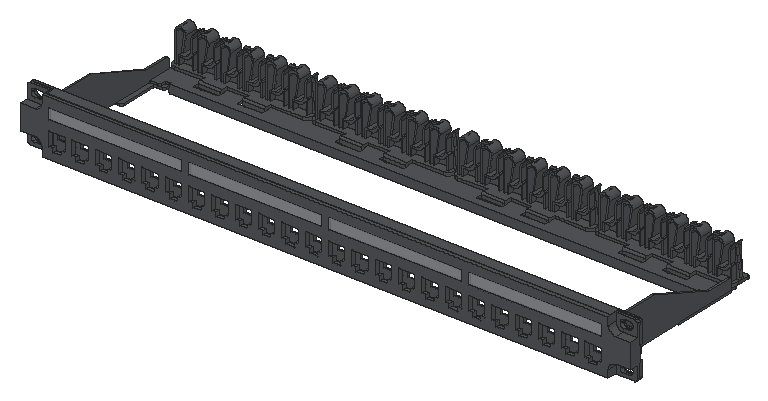
Revit family "Panel de interconexión", category Equipement spécialisé, Revit 2020 (continued)
Dimensions and locks
  locked: plane 76 to plane 71 at 3.1
  locked: plane 72 to plane 74 at 3.1
  locked: plane 78 to plane 77 at 13
  locked: plane 82 to plane 77 at 3.1
  locked: plane 78 to plane 80 at 3.1
  locked: plane 84 to plane 83 at 13
  locked: plane 88 to plane 83 at 3.1
  locked: plane 84 to plane 86 at 3.1
  locked: plane 90 to plane 89 at 13
  locked: plane 94 to plane 89 at 3.1
  locked: plane 90 to plane 92 at 3.1
  locked: plane 96 to plane 95 at 13
  locked: plane 100 to plane 95 at 3.1
  locked: plane 96 to plane 98 at 3.1
  locked: plane 102 to plane 101 at 13
  locked: plane 106 to plane 101 at 3.1
  locked: plane 102 to plane 104 at 3.1
  locked: plane 108 to plane 107 at 13
  locked: plane 112 to plane 107 at 3.1
  locked: plane 108 to plane 110 at 3.1
  locked: plane 114 to plane 113 at 13
  locked: plane 118 to plane 113 at 3.1
  locked: plane 114 to plane 116 at 3.1
  locked: plane 119 to plane 120 at 13
  locked: plane 119 to plane 124 at 3.1
  locked: plane 122 to plane 120 at 3.1
  locked: plane 125 to plane 126 at 13
  locked: plane 125 to plane 130 at 3.1
  locked: plane 128 to plane 126 at 3.1
  locked: plane 131 to plane 132 at 13
  locked: plane 131 to plane 136 at 3.1
  locked: plane 134 to plane 132 at 3.1
  locked: plane 137 to plane 138 at 13
  locked: plane 137 to plane 142 at 3.1
  locked: plane 140 to plane 138 at 3.1
  locked: plane 143 to plane 144 at 13
  locked: plane 143 to plane 148 at 3.1
  locked: plane 146 to plane 144 at 3.1
  locked: plane 149 to plane 150 at 13
  locked: plane 149 to plane 154 at 3.1
  locked: plane 152 to plane 150 at 3.1
  locked: plane 155 to plane 156 at 13
  locked: plane 155 to plane 160 at 3.1
  locked: plane 158 to plane 156 at 3.1
  locked: plane 161 to plane 162 at 13
  locked: plane 161 to plane 166 at 3.1
  locked: plane 164 to plane 162 at 3.1
  locked: plane 167 to plane 168 at 13
  locked: plane 167 to plane 172 at 3.1
  locked: plane 170 to plane 168 at 3.1
  locked: plane 173 to plane 174 at 13
  locked: plane 173 to plane 178 at 3.1
  locked: plane 176 to plane 174 at 3.1
  locked: plane 179 to plane 180 at 13
  locked: plane 179 to plane 184 at 3.1
  locked: plane 182 to plane 180 at 3.1
  locked: plane 185 to plane 186 at 13
  locked: plane 185 to plane 190 at 3.1
  locked: plane 188 to plane 186 at 3.1
  plane 193 to cut or joined group 1 (Extrusion 31, Extrusion 32, Extrusion 33, Extrusion 34, Extrusion 35, Extrusion 36, Extrusion 37, Extrusion 38, Extrusion 39, Extrusion 40, Extrusion 41, Extrusion 42, Extrusion 43, Extrusion 44, Extrusion 45, Extrusion 46, Extrusion 47, Extrusion 48, Extrusion 49, Extrusion 50, Extrusion 51, Extrusion 52, Extrusion 53, Extrusion 54, Extrusion 55, Extrusion 56, Extrusion 57, Extrusion 58, Extrusion 59, Extrusion 60, Extrusion 61, Extrusion 62) = 27.7 mm
  plane 194 to plane 193 = 8.85 mm
  plane 198 to plane 197 = 8.85 mm
  plane 201 to plane 202 = 8.85 mm
  plane 205 to plane 206 = 8.85 mm
  locked: plane 208 to plane 1 "Centre (avant/arrière)" at 21.2
  plane 210 to plane 1 "Centre (avant/arrière)" = 110.8 mm
  plane 209 to level = 8.1 mm
  plane 211 to level = 1.7 mm
  level to plane 207 = 38.7 mm
  plane 212 to level = 17.7 mm
  plane 214 to plane 1 "Centre (avant/arrière)" = 35.2 mm
  plane 210 to plane 213 = 21 mm
  locked: plane 1 "Centre (avant/arrière)" to plane 215 at 59.26
  plane 216 to plane 215 = 32.5 mm
  plane 217 to plane 216 = 26.54 mm
  plane 3 to plane 218 = 6 mm
  plane 218 to plane 219 = 7.925 mm
  plane 223 to plane 226 = 21 mm
  plane 229 to plane 228 = 32.5 mm
  plane 230 to plane 229 = 26.54 mm
  plane 232 to plane 231 = 7.925 mm
  plane 1 "Centre (avant/arrière)" to plane 233 = 91.8 mm
  plane 233 to plane 234 = 26.5 mm
  locked: plane 3 to plane 235 at 1.75
  locked: plane 8 to plane 236 at 1.75
  plane 233 to plane 237 = 5.5 mm
  plane 235 to plane 238 = 8.475 mm
  plane 236 to plane 239 = 8.475 mm
  plane 3 to plane 240 = 14.225 mm
  plane 241 to plane 8 = 14.225 mm
  level to plane 242 = 3.2 mm
  locked: plane 243 to plane 14 at 28.868
  cut or joined group 2 (Extrusion 67, Extrusion 68, Extrusion 69, Extrusion 70, Extrusion 71, Extrusion 72, Extrusion 73, Extrusion 74, Extrusion 75, Extrusion 76, Extrusion 77, Extrusion 78, Extrusion 79, Extrusion 80, Extrusion 81, Extrusion 82, Extrusion 83, Extrusion 84, Extrusion 85, Extrusion 86, Extrusion 87, Extrusion 88, Extrusion 89, Extrusion 90, Extrusion 91, Extrusion 92, Extrusion 93, Extrusion 94, Extrusion 95, Extrusion 96) to plane 245 = 10 mm
  plane 245 to plane 244 = 6 mm
  Extrusion 69 sketch curve to plane 246 = 34.63 mm
  plane 248 to plane 247 = 6 mm
  Extrusion 70 sketch curve to plane 249 = 34.63 mm
  plane 250 to plane 251 = 6 mm
  Extrusion 71 sketch curve to plane 252 = 34.63 mm
  plane 253 to plane 254 = 6 mm
  Extrusion 72 sketch curve to plane 255 = 34.63 mm
  plane 259 to plane 256 = 2 mm
  plane 258 to plane 257 = 3 mm
  plane 257 to cut or joined group 2 = 6 mm
  plane 264 to plane 261 = 2 mm
  plane 263 to plane 262 = 3 mm
  plane 269 to plane 266 = 2 mm
  plane 268 to plane 267 = 3 mm
  plane 274 to plane 271 = 2 mm
  plane 273 to plane 272 = 3 mm
  plane 279 to plane 276 = 2 mm
  plane 278 to plane 277 = 3 mm
  plane 284 to plane 281 = 2 mm
  plane 283 to plane 282 = 3 mm
  plane 289 to plane 286 = 2 mm
  plane 288 to plane 287 = 3 mm
  plane 294 to plane 291 = 2 mm
  plane 293 to plane 292 = 3 mm
  plane 299 to plane 296 = 2 mm
  plane 298 to plane 297 = 3 mm
  plane 304 to plane 301 = 2 mm
  plane 303 to plane 302 = 3 mm
  plane 309 to plane 306 = 2 mm
  plane 308 to plane 307 = 3 mm
  plane 314 to plane 311 = 2 mm
  plane 313 to plane 312 = 3 mm
  plane 319 to plane 316 = 2 mm
  plane 317 to plane 318 = 3 mm
  plane 324 to plane 321 = 2 mm
  plane 322 to plane 323 = 3 mm
  plane 329 to plane 326 = 2 mm
  plane 327 to plane 328 = 3 mm
  plane 334 to plane 331 = 2 mm
  plane 332 to plane 333 = 3 mm
  plane 339 to plane 336 = 2 mm
  plane 337 to plane 338 = 3 mm
  plane 344 to plane 341 = 2 mm
  plane 342 to plane 343 = 3 mm
  plane 349 to plane 346 = 2 mm
  plane 347 to plane 348 = 3 mm
  plane 354 to plane 351 = 2 mm
  plane 352 to plane 353 = 3 mm
  plane 359 to plane 356 = 2 mm
  plane 357 to plane 358 = 3 mm
  plane 364 to plane 361 = 2 mm
  plane 362 to plane 363 = 3 mm
  plane 369 to plane 366 = 2 mm
  plane 367 to plane 368 = 3 mm
  plane 374 to plane 371 = 2 mm
  plane 372 to plane 373 = 3 mm
  locked: plane 3 to plane 378 at 0.4
  plane 378 to plane 379 = 111 mm
  locked: plane 376 to plane 1 "Centre (avant/arrière)" at 112.3
  locked: plane 377 to plane 376 at 16.5
  locked: Extrusion 97 to plane 380 at 28.5
  cut or joined group 2 to Extrusion 98 sketch curve = 2 mm
  Extrusion 98 sketch curve to Extrusion 98 sketch curve = 4 mm
  equal spacing: cut or joined group 2, plane 381, cut or joined group 2
  Extrusion 99 sketch curve to Extrusion 99 sketch curve = 4 mm
  locked: Extrusion 97 to plane 382 at 5
  Extrusion 97 to plane 383 = 5.5 mm
  plane 385 to plane 384 = 1.25 mm
  cut or joined group 3 (Extrusion 97, Extrusion 98, Extrusion 99, Extrusion 100, Extrusion 101, Extrusion 102, Extrusion 103, Extrusion 104, Extrusion 105, Extrusion 106, Extrusion 107, Extrusion 108, Extrusion 109, Extrusion 110, Extrusion 111, Extrusion 117, Extrusion 119, Extrusion 120, Extrusion 121, Extrusion 122, Extrusion 128, Extrusion 131) to plane 389 = 0.5 mm
  plane 390 to cut or joined group 3 = 2.5 mm
  equal spacing: cut or joined group 2, plane 391, cut or joined group 2
  plane 394 to plane 393 = 1.25 mm
  locked: plane 399 to plane 1 "Centre (avant/arrière)" at 125.765
  plane 400 to Extrusion 106 sketch curve = 2.34 mm
  cut or joined group 3 to plane 401 = 23 mm
  plane 402 to plane 400 = 17.5 mm
  cut or joined group 3 to plane 403 = 25 mm
  plane 402 to plane 404 = 1.2 mm
  plane 405 to plane 400 = 5.3 mm
  cut or joined group 3 to plane 406 = 7 mm
  plane 408 to cut or joined group 1 = 3 mm
  plane 409 to plane 405 = 1.2 mm
  plane 402 to plane 411 = 1.2 mm
  plane 413 to Extrusion 107 sketch curve = 2.34 mm
  plane 415 to plane 413 = 17.5 mm
  plane 415 to plane 417 = 1.2 mm
  plane 418 to plane 413 = 5.3 mm
  plane 422 to plane 418 = 1.2 mm
  plane 415 to plane 424 = 1.2 mm
  plane 426 to Extrusion 108 sketch curve = 2.34 mm
  plane 428 to plane 426 = 17.5 mm
  plane 428 to plane 430 = 1.2 mm
  plane 431 to plane 426 = 5.3 mm
  plane 435 to plane 431 = 1.2 mm
  plane 428 to plane 437 = 1.2 mm
  plane 439 to Extrusion 109 sketch curve = 2.34 mm
  plane 441 to plane 439 = 17.5 mm
  plane 441 to plane 443 = 1.2 mm
  plane 444 to plane 439 = 5.3 mm
  plane 448 to plane 444 = 1.2 mm
  plane 441 to plane 450 = 1.2 mm
  plane 452 to Extrusion 110 sketch curve = 2.34 mm
  plane 454 to plane 452 = 17.5 mm
  plane 454 to plane 456 = 1.2 mm
  plane 457 to plane 452 = 5.3 mm
  plane 461 to plane 457 = 1.2 mm
  plane 454 to plane 463 = 1.2 mm
  plane 465 to Extrusion 111 sketch curve = 2.34 mm
  plane 467 to plane 465 = 17.5 mm
  plane 467 to plane 469 = 1.2 mm
  plane 470 to plane 465 = 5.3 mm
  plane 474 to plane 470 = 1.2 mm
  plane 467 to plane 476 = 1.2 mm
  equal spacing: Extrusion 106, plane 478, plane 399
  plane 487 to plane 488 = 111 mm
  locked: plane 486 to plane 485 at 16.5
  Extrusion 124 sketch curve to Extrusion 124 sketch curve = 4 mm
  Extrusion 125 sketch curve to Extrusion 125 sketch curve = 4 mm
  Extrusion 123 to plane 489 = 5.5 mm
  plane 491 to plane 490 = 1.25 mm
  plane 499 to plane 498 = 1.25 mm
  plane 504 to Extrusion 132 sketch curve = 2.34 mm
  plane 506 to plane 504 = 17.5 mm
  plane 506 to plane 508 = 1.2 mm
  plane 509 to plane 504 = 5.3 mm
  plane 513 to plane 509 = 1.2 mm
  plane 506 to plane 515 = 1.2 mm
  plane 517 to Extrusion 133 sketch curve = 2.34 mm
  plane 519 to plane 517 = 17.5 mm
  plane 519 to plane 521 = 1.2 mm
  plane 522 to plane 517 = 5.3 mm
  plane 526 to plane 522 = 1.2 mm
  plane 519 to plane 528 = 1.2 mm
  plane 530 to Extrusion 134 sketch curve = 2.34 mm
  plane 532 to plane 530 = 17.5 mm
  plane 532 to plane 534 = 1.2 mm
  plane 535 to plane 530 = 5.3 mm
  plane 539 to plane 535 = 1.2 mm
  plane 532 to plane 541 = 1.2 mm
  plane 543 to Extrusion 135 sketch curve = 2.34 mm
  plane 545 to plane 543 = 17.5 mm
  plane 545 to plane 547 = 1.2 mm
  plane 548 to plane 543 = 5.3 mm
  plane 552 to plane 548 = 1.2 mm
  plane 545 to plane 554 = 1.2 mm
  plane 556 to Extrusion 136 sketch curve = 2.34 mm
  plane 558 to plane 556 = 17.5 mm
  plane 558 to plane 560 = 1.2 mm
  plane 561 to plane 556 = 5.3 mm
  plane 565 to plane 561 = 1.2 mm
  plane 558 to plane 567 = 1.2 mm
  plane 569 to Extrusion 137 sketch curve = 2.34 mm
  plane 571 to plane 569 = 17.5 mm
  plane 571 to plane 573 = 1.2 mm
  plane 574 to plane 569 = 5.3 mm
  plane 578 to plane 574 = 1.2 mm
  plane 571 to plane 580 = 1.2 mm
  plane 590 to plane 591 = 111 mm
  locked: plane 589 to plane 588 at 16.5
  Extrusion 150 sketch curve to Extrusion 150 sketch curve = 4 mm
  Extrusion 151 sketch curve to Extrusion 151 sketch curve = 4 mm
  Extrusion 149 to plane 592 = 5.5 mm
  plane 594 to plane 593 = 1.25 mm
  plane 602 to plane 601 = 1.25 mm
  plane 607 to Extrusion 158 sketch curve = 2.34 mm
  plane 609 to plane 607 = 17.5 mm
  plane 609 to plane 611 = 1.2 mm
  plane 612 to plane 607 = 5.3 mm
  plane 616 to plane 612 = 1.2 mm
  plane 609 to plane 618 = 1.2 mm
  plane 620 to Extrusion 159 sketch curve = 2.34 mm
  plane 622 to plane 620 = 17.5 mm
  plane 622 to plane 624 = 1.2 mm
  plane 625 to plane 620 = 5.3 mm
  plane 629 to plane 625 = 1.2 mm
  plane 622 to plane 631 = 1.2 mm
  plane 633 to Extrusion 160 sketch curve = 2.34 mm
  plane 635 to plane 633 = 17.5 mm
  plane 635 to plane 637 = 1.2 mm
  plane 638 to plane 633 = 5.3 mm
  plane 642 to plane 638 = 1.2 mm
  plane 635 to plane 644 = 1.2 mm
  plane 646 to Extrusion 161 sketch curve = 2.34 mm
  plane 648 to plane 646 = 17.5 mm
  plane 648 to plane 650 = 1.2 mm
  plane 651 to plane 646 = 5.3 mm
  plane 655 to plane 651 = 1.2 mm
  plane 648 to plane 657 = 1.2 mm
  plane 659 to Extrusion 162 sketch curve = 2.34 mm
  plane 661 to plane 659 = 17.5 mm
  plane 661 to plane 663 = 1.2 mm
  plane 664 to plane 659 = 5.3 mm
  plane 668 to plane 664 = 1.2 mm
  plane 661 to plane 670 = 1.2 mm
  plane 672 to Extrusion 163 sketch curve = 2.34 mm
  plane 674 to plane 672 = 17.5 mm
  plane 674 to plane 676 = 1.2 mm
  plane 677 to plane 672 = 5.3 mm
  plane 681 to plane 677 = 1.2 mm
  plane 674 to plane 683 = 1.2 mm
  plane 692 to plane 693 = 111 mm
  locked: plane 691 to plane 690 at 16.5
  Extrusion 176 sketch curve to Extrusion 176 sketch curve = 4 mm
  Extrusion 177 sketch curve to Extrusion 177 sketch curve = 4 mm
  Extrusion 175 to plane 694 = 5.5 mm
  plane 696 to plane 695 = 1.25 mm
  plane 704 to plane 703 = 1.25 mm
  plane 709 to Extrusion 184 sketch curve = 2.34 mm
  plane 711 to plane 709 = 17.5 mm
  plane 711 to plane 713 = 1.2 mm
  plane 714 to plane 709 = 5.3 mm
  plane 718 to plane 714 = 1.2 mm
  plane 711 to plane 720 = 1.2 mm
  plane 722 to Extrusion 185 sketch curve = 2.34 mm
  plane 724 to plane 722 = 17.5 mm
  plane 724 to plane 726 = 1.2 mm
  plane 727 to plane 722 = 5.3 mm
  plane 731 to plane 727 = 1.2 mm
  plane 724 to plane 733 = 1.2 mm
  plane 735 to Extrusion 186 sketch curve = 2.34 mm
  plane 737 to plane 735 = 17.5 mm
  plane 737 to plane 739 = 1.2 mm
  plane 740 to plane 735 = 5.3 mm
  plane 744 to plane 740 = 1.2 mm
  plane 737 to plane 746 = 1.2 mm
  plane 748 to Extrusion 187 sketch curve = 2.34 mm
  plane 750 to plane 748 = 17.5 mm
  plane 750 to plane 752 = 1.2 mm
  plane 753 to plane 748 = 5.3 mm
  plane 757 to plane 753 = 1.2 mm
  plane 750 to plane 759 = 1.2 mm
  plane 761 to Extrusion 188 sketch curve = 2.34 mm
  plane 763 to plane 761 = 17.5 mm
  plane 763 to plane 765 = 1.2 mm
  plane 766 to plane 761 = 5.3 mm
  plane 770 to plane 766 = 1.2 mm
  plane 763 to plane 772 = 1.2 mm
  plane 774 to Extrusion 189 sketch curve = 2.34 mm
  plane 776 to plane 774 = 17.5 mm
  plane 776 to plane 778 = 1.2 mm
  plane 779 to plane 774 = 5.3 mm
  plane 783 to plane 779 = 1.2 mm
  plane 776 to plane 785 = 1.2 mm
  radius of Extrusion 1 sketch curve = 2.5 mm  (x2)
  radius of Extrusion 32 sketch curve = 6 mm  (x2)
  radius of Extrusion 33 sketch curve = 6 mm  (x2)
  aligned and locked: level to plane 2
  aligned and locked: Extrusion 1 sketch curve to plane 5
  aligned and locked: plane 2 to Extrusion 1 sketch curve
  aligned and locked: Extrusion 1 sketch curve to plane 4
  aligned and locked: plane 6 to Extrusion 1
  aligned and locked: plane 7 to Extrusion 1
  aligned and locked: plane 12 to Extrusion 2 sketch curve
  aligned and locked: Extrusion 2 sketch curve to plane 13
  aligned and locked: Extrusion 2 sketch curve to plane 11
  aligned and locked: Extrusion 2 sketch curve to plane 7
  aligned and locked: plane 6 to Extrusion 2
  aligned and locked: Extrusion 2 sketch curve to plane 18
  aligned and locked: Extrusion 2 sketch curve to plane 15
  aligned and locked: plane 17 to Extrusion 2 sketch curve
  aligned and locked: plane 16 to Extrusion 2 sketch curve
  aligned and locked: Extrusion 2 sketch curve to plane 20
  aligned and locked: plane 15 to Extrusion 2 sketch curve
  aligned and locked: plane 19 to Extrusion 2 sketch curve
  aligned and locked: Extrusion 2 sketch curve to plane 16
  aligned and locked: Extrusion 3 sketch curve to plane 21
  aligned and locked: Extrusion 3 sketch curve to plane 23
  aligned and locked: Extrusion 3 sketch curve to plane 22
  aligned and locked: plane 23 to Extrusion 3 sketch curve
  aligned and locked: plane 8 to Extrusion 3
  aligned and locked: Extrusion 4 sketch curve to plane 26
  aligned and locked: Extrusion 4 sketch curve to plane 25
  aligned and locked: Extrusion 4 sketch curve to plane 24
  aligned and locked: plane 28 to Extrusion 4
  aligned and locked: plane 32 to Extrusion 5 sketch curve
  aligned and locked: plane 29 to Extrusion 5 sketch curve
  aligned and locked: Extrusion 5 sketch curve to plane 31
  aligned and locked: Extrusion 5 sketch curve to plane 30
  aligned and locked: plane 34 to Extrusion 5 sketch curve
  aligned and locked: Extrusion 5 sketch curve to plane 29
  aligned and locked: Extrusion 5 sketch curve to plane 33
  aligned and locked: plane 30 to Extrusion 5 sketch curve
  aligned and locked: plane 37 to Extrusion 6 sketch curve
  aligned and locked: Extrusion 6 sketch curve to plane 36
  aligned and locked: Extrusion 6 sketch curve to plane 35
  aligned and locked: Extrusion 7 to plane 6
  aligned and locked: plane 45 to Extrusion 31 sketch curve  (x2)
  aligned and locked: Extrusion 31 sketch curve to plane 7
  aligned and locked: plane 5 to Extrusion 31
  aligned and locked: plane 46 to Extrusion 32
  aligned and locked: Extrusion 34 sketch curve to cut or joined group 1
  aligned and locked: cut or joined group 1 to Extrusion 34 sketch curve
  aligned and locked: plane 6 to Extrusion 34
  aligned and locked: Extrusion 35 sketch curve to plane 49
  aligned and locked: Extrusion 35 sketch curve to plane 47
  aligned and locked: plane 52 to Extrusion 35 sketch curve
  aligned and locked: plane 51 to Extrusion 35 sketch curve
  aligned and locked: plane 50 to Extrusion 35 sketch curve
  aligned and locked: Extrusion 35 sketch curve to plane 48
  aligned and locked: Extrusion 35 to cut or joined group 4 (Extrusion 1, Extrusion 2, Extrusion 3, Extrusion 4, Extrusion 5, Extrusion 6, Extrusion 7, Extrusion 8, Extrusion 9, Extrusion 10, Extrusion 11, Extrusion 12, Extrusion 13, Extrusion 14, Extrusion 15, Extrusion 16, Extrusion 17, Extrusion 18, Extrusion 19, Extrusion 20, Extrusion 21, Extrusion 22, Extrusion 23, Extrusion 24, Extrusion 25, Extrusion 26, Extrusion 27, Extrusion 28, Extrusion 29, Extrusion 30, Extrusion 32)
  aligned and locked: Extrusion 36 sketch curve to plane 55
  aligned and locked: Extrusion 36 sketch curve to plane 53
  aligned and locked: plane 58 to Extrusion 36 sketch curve
  aligned and locked: plane 57 to Extrusion 36 sketch curve
  aligned and locked: plane 56 to Extrusion 36 sketch curve
  aligned and locked: Extrusion 36 sketch curve to plane 54
  aligned and locked: Extrusion 37 sketch curve to plane 61
  aligned and locked: Extrusion 37 sketch curve to plane 59
  aligned and locked: plane 64 to Extrusion 37 sketch curve
  aligned and locked: plane 63 to Extrusion 37 sketch curve
  aligned and locked: plane 62 to Extrusion 37 sketch curve
  aligned and locked: Extrusion 37 sketch curve to plane 60
  aligned and locked: Extrusion 38 sketch curve to plane 67
  aligned and locked: Extrusion 38 sketch curve to plane 65
  aligned and locked: plane 70 to Extrusion 38 sketch curve
  aligned and locked: plane 69 to Extrusion 38 sketch curve
  aligned and locked: plane 68 to Extrusion 38 sketch curve
  aligned and locked: Extrusion 38 sketch curve to plane 66
  aligned and locked: Extrusion 39 sketch curve to plane 73
  aligned and locked: Extrusion 39 sketch curve to plane 71
  aligned and locked: plane 76 to Extrusion 39 sketch curve
  aligned and locked: plane 75 to Extrusion 39 sketch curve
  aligned and locked: plane 74 to Extrusion 39 sketch curve
  aligned and locked: Extrusion 39 sketch curve to plane 72
  aligned and locked: Extrusion 40 sketch curve to plane 79
  aligned and locked: Extrusion 40 sketch curve to plane 77
  aligned and locked: plane 82 to Extrusion 40 sketch curve
  aligned and locked: plane 81 to Extrusion 40 sketch curve
  aligned and locked: plane 80 to Extrusion 40 sketch curve
  aligned and locked: Extrusion 40 sketch curve to plane 78
  aligned and locked: Extrusion 41 sketch curve to plane 85
  aligned and locked: Extrusion 41 sketch curve to plane 83
  aligned and locked: plane 88 to Extrusion 41 sketch curve
  aligned and locked: plane 87 to Extrusion 41 sketch curve
  aligned and locked: plane 86 to Extrusion 41 sketch curve
  aligned and locked: Extrusion 41 sketch curve to plane 84
  aligned and locked: Extrusion 42 sketch curve to plane 91
  aligned and locked: Extrusion 42 sketch curve to plane 89
  aligned and locked: plane 94 to Extrusion 42 sketch curve
  aligned and locked: plane 93 to Extrusion 42 sketch curve
  aligned and locked: plane 92 to Extrusion 42 sketch curve
  aligned and locked: Extrusion 42 sketch curve to plane 90
  aligned and locked: Extrusion 43 sketch curve to plane 97
  aligned and locked: Extrusion 43 sketch curve to plane 95
  aligned and locked: plane 100 to Extrusion 43 sketch curve
  aligned and locked: plane 99 to Extrusion 43 sketch curve
  aligned and locked: plane 98 to Extrusion 43 sketch curve
  aligned and locked: Extrusion 43 sketch curve to plane 96
  aligned and locked: Extrusion 44 sketch curve to plane 103
  aligned and locked: Extrusion 44 sketch curve to plane 101
  aligned and locked: plane 106 to Extrusion 44 sketch curve
  aligned and locked: plane 105 to Extrusion 44 sketch curve
  aligned and locked: plane 104 to Extrusion 44 sketch curve
  aligned and locked: Extrusion 44 sketch curve to plane 102
  aligned and locked: Extrusion 45 sketch curve to plane 109
  aligned and locked: Extrusion 45 sketch curve to plane 107
  aligned and locked: plane 112 to Extrusion 45 sketch curve
  aligned and locked: plane 111 to Extrusion 45 sketch curve
  aligned and locked: plane 110 to Extrusion 45 sketch curve
  aligned and locked: Extrusion 45 sketch curve to plane 108
  aligned and locked: Extrusion 46 sketch curve to plane 115
  aligned and locked: Extrusion 46 sketch curve to plane 113
  aligned and locked: plane 118 to Extrusion 46 sketch curve
  aligned and locked: plane 117 to Extrusion 46 sketch curve
  aligned and locked: plane 116 to Extrusion 46 sketch curve
  aligned and locked: Extrusion 46 sketch curve to plane 114
  aligned and locked: Extrusion 47 sketch curve to plane 121
  aligned and locked: plane 119 to Extrusion 47 sketch curve
  aligned and locked: Extrusion 47 sketch curve to plane 124
  aligned and locked: plane 123 to Extrusion 47 sketch curve
  aligned and locked: Extrusion 47 sketch curve to plane 122
  aligned and locked: plane 120 to Extrusion 47 sketch curve
  aligned and locked: Extrusion 48 sketch curve to plane 127
  aligned and locked: plane 125 to Extrusion 48 sketch curve
  aligned and locked: Extrusion 48 sketch curve to plane 130
  aligned and locked: plane 129 to Extrusion 48 sketch curve
  aligned and locked: Extrusion 48 sketch curve to plane 128
  aligned and locked: plane 126 to Extrusion 48 sketch curve
  aligned and locked: Extrusion 49 sketch curve to plane 133
  aligned and locked: plane 131 to Extrusion 49 sketch curve
  aligned and locked: Extrusion 49 sketch curve to plane 136
  aligned and locked: plane 135 to Extrusion 49 sketch curve
  aligned and locked: Extrusion 49 sketch curve to plane 134
  aligned and locked: plane 132 to Extrusion 49 sketch curve
  aligned and locked: Extrusion 50 sketch curve to plane 139
  aligned and locked: plane 137 to Extrusion 50 sketch curve
  aligned and locked: Extrusion 50 sketch curve to plane 142
  aligned and locked: plane 141 to Extrusion 50 sketch curve
  aligned and locked: Extrusion 50 sketch curve to plane 140
  aligned and locked: plane 138 to Extrusion 50 sketch curve
  aligned and locked: Extrusion 51 sketch curve to plane 145
  aligned and locked: plane 143 to Extrusion 51 sketch curve
  aligned and locked: Extrusion 51 sketch curve to plane 148
  aligned and locked: plane 147 to Extrusion 51 sketch curve
  aligned and locked: Extrusion 51 sketch curve to plane 146
  aligned and locked: plane 144 to Extrusion 51 sketch curve
  aligned and locked: Extrusion 52 sketch curve to plane 151
  aligned and locked: plane 149 to Extrusion 52 sketch curve
  aligned and locked: Extrusion 52 sketch curve to plane 154
  aligned and locked: plane 153 to Extrusion 52 sketch curve
  aligned and locked: Extrusion 52 sketch curve to plane 152
  aligned and locked: plane 150 to Extrusion 52 sketch curve
  aligned and locked: Extrusion 53 sketch curve to plane 157
  aligned and locked: plane 155 to Extrusion 53 sketch curve
  aligned and locked: Extrusion 53 sketch curve to plane 160
  aligned and locked: plane 159 to Extrusion 53 sketch curve
  aligned and locked: Extrusion 53 sketch curve to plane 158
  aligned and locked: plane 156 to Extrusion 53 sketch curve
  aligned and locked: Extrusion 54 sketch curve to plane 163
  aligned and locked: plane 161 to Extrusion 54 sketch curve
  aligned and locked: Extrusion 54 sketch curve to plane 166
  aligned and locked: plane 165 to Extrusion 54 sketch curve
  aligned and locked: Extrusion 54 sketch curve to plane 164
  aligned and locked: plane 162 to Extrusion 54 sketch curve
  aligned and locked: Extrusion 55 sketch curve to plane 169
  aligned and locked: plane 167 to Extrusion 55 sketch curve
  aligned and locked: Extrusion 55 sketch curve to plane 172
  aligned and locked: plane 171 to Extrusion 55 sketch curve
  aligned and locked: Extrusion 55 sketch curve to plane 170
  aligned and locked: plane 168 to Extrusion 55 sketch curve
  aligned and locked: Extrusion 56 sketch curve to plane 175
  aligned and locked: plane 173 to Extrusion 56 sketch curve
  aligned and locked: Extrusion 56 sketch curve to plane 178
  aligned and locked: plane 177 to Extrusion 56 sketch curve
  aligned and locked: Extrusion 56 sketch curve to plane 176
  aligned and locked: plane 174 to Extrusion 56 sketch curve
  aligned and locked: Extrusion 57 sketch curve to plane 181
  aligned and locked: plane 179 to Extrusion 57 sketch curve
  aligned and locked: Extrusion 57 sketch curve to plane 184
  aligned and locked: plane 183 to Extrusion 57 sketch curve
  aligned and locked: Extrusion 57 sketch curve to plane 182
  aligned and locked: plane 180 to Extrusion 57 sketch curve
  aligned and locked: Extrusion 58 sketch curve to plane 187
  aligned and locked: plane 185 to Extrusion 58 sketch curve
  aligned and locked: Extrusion 58 sketch curve to plane 190
  aligned and locked: plane 189 to Extrusion 58 sketch curve
  aligned and locked: Extrusion 58 sketch curve to plane 188
  aligned and locked: plane 186 to Extrusion 58 sketch curve
  aligned and locked: plane 191 to cut or joined group 1
  aligned and locked: plane 192 to cut or joined group 1
  aligned and locked: plane 193 to Extrusion 59 sketch curve
  aligned and locked: Extrusion 59 sketch curve to plane 192
  aligned and locked: Extrusion 59 sketch curve to plane 194
  aligned and locked: plane 191 to Extrusion 59 sketch curve
  aligned and locked: plane 197 to Extrusion 60 sketch curve
  aligned and locked: Extrusion 60 sketch curve to plane 196
  aligned and locked: Extrusion 60 sketch curve to plane 198
  aligned and locked: plane 195 to Extrusion 60 sketch curve
  aligned and locked: Extrusion 61 sketch curve to plane 201
  aligned and locked: Extrusion 61 sketch curve to plane 200
  aligned and locked: plane 202 to Extrusion 61 sketch curve
  aligned and locked: plane 199 to Extrusion 61 sketch curve
  aligned and locked: Extrusion 62 sketch curve to plane 205
  aligned and locked: Extrusion 62 sketch curve to plane 204
  aligned and locked: plane 206 to Extrusion 62 sketch curve
  aligned and locked: plane 203 to Extrusion 62 sketch curve
  aligned and locked: plane 211 to Extrusion 63 sketch curve
  aligned and locked: Extrusion 63 sketch curve to plane 208
  aligned and locked: Extrusion 63 sketch curve to plane 209
  aligned and locked: Extrusion 63 sketch curve to plane 210
  aligned and locked: plane 213 to Extrusion 63 sketch curve
  aligned and locked: Extrusion 63 sketch curve to plane 212
  aligned and locked: Extrusion 63 sketch curve to cut or joined group 4
  aligned and locked: Extrusion 63 sketch curve to plane 207
  aligned and locked: plane 9 to Extrusion 63
  aligned and locked: plane 215 to Extrusion 64 sketch curve
  aligned and locked: plane 3 to Extrusion 64 sketch curve
  aligned and locked: Extrusion 64 sketch curve to Extrusion 63
  aligned and locked: Extrusion 63 to Extrusion 64 sketch curve
  aligned and locked: Extrusion 64 sketch curve to plane 217
  aligned and locked: plane 219 to Extrusion 64 sketch curve
  aligned and locked: plane 216 to Extrusion 64 sketch curve
  aligned and locked: plane 218 to Extrusion 64 sketch curve
  aligned and locked: Extrusion 65 sketch curve to plane 224
  aligned and locked: Extrusion 65 sketch curve to plane 221
  aligned and locked: plane 222 to Extrusion 65 sketch curve
  aligned and locked: Extrusion 65 sketch curve to plane 223
  aligned and locked: plane 226 to Extrusion 65 sketch curve
  aligned and locked: plane 225 to Extrusion 65 sketch curve
  aligned and locked: plane 220 to Extrusion 65 sketch curve
  aligned and locked: plane 228 to Extrusion 66 sketch curve
  aligned and locked: Extrusion 66 sketch curve to Extrusion 65
  aligned and locked: Extrusion 65 to Extrusion 66 sketch curve
  aligned and locked: Extrusion 66 sketch curve to plane 230
  aligned and locked: Extrusion 66 sketch curve to plane 232
  aligned and locked: plane 229 to Extrusion 66 sketch curve
  aligned and locked: Extrusion 66 sketch curve to plane 231
  aligned and locked: plane 9 to Extrusion 67 sketch curve
  aligned and locked: Extrusion 67 sketch curve to plane 234
  aligned and locked: Extrusion 67 sketch curve to plane 233  (x2)
  aligned and locked: Extrusion 67 sketch curve to plane 239
  aligned and locked: plane 238 to Extrusion 67 sketch curve
  aligned and locked: plane 242 to Extrusion 68 sketch curve
  aligned and locked: Extrusion 68 sketch curve to plane 241
  aligned and locked: Extrusion 68 sketch curve to Extrusion 67
  aligned and locked: Extrusion 68 sketch curve to plane 240
  aligned and locked: plane 244 to Extrusion 69 sketch curve
  aligned and locked: Extrusion 69 sketch curve to plane 246
  aligned and locked: plane 245 to Extrusion 69 sketch curve
  aligned and locked: plane 243 to Extrusion 69 sketch curve
  aligned and locked: Extrusion 67 to Extrusion 69
  aligned and locked: plane 247 to Extrusion 70 sketch curve
  aligned and locked: Extrusion 70 sketch curve to plane 249
  aligned and locked: plane 248 to Extrusion 70 sketch curve
  aligned and locked: Extrusion 71 sketch curve to plane 250
  aligned and locked: Extrusion 71 sketch curve to plane 252
  aligned and locked: Extrusion 71 sketch curve to plane 251
  aligned and locked: Extrusion 72 sketch curve to plane 253
  aligned and locked: Extrusion 72 sketch curve to plane 255
  aligned and locked: Extrusion 72 sketch curve to plane 254
  aligned and locked: cut or joined group 2 to Extrusion 73 sketch curve
  aligned and locked: plane 256 to Extrusion 73 sketch curve
  aligned and locked: Extrusion 73 sketch curve to plane 258
  aligned and locked: Extrusion 73 sketch curve to plane 257  (x2)
  aligned and locked: plane 260 to Extrusion 73 sketch curve
  aligned and locked: plane 259 to Extrusion 73 sketch curve
  aligned and locked: plane 261 to Extrusion 74 sketch curve
  aligned and locked: Extrusion 74 sketch curve to plane 263
  aligned and locked: Extrusion 74 sketch curve to plane 262  (x2)
  aligned and locked: plane 265 to Extrusion 74 sketch curve
  aligned and locked: plane 264 to Extrusion 74 sketch curve
  aligned and locked: plane 266 to Extrusion 75 sketch curve
  aligned and locked: Extrusion 75 sketch curve to plane 268
  aligned and locked: Extrusion 75 sketch curve to plane 267  (x2)
  aligned and locked: plane 270 to Extrusion 75 sketch curve
  aligned and locked: plane 269 to Extrusion 75 sketch curve
  aligned and locked: plane 271 to Extrusion 76 sketch curve
  aligned and locked: Extrusion 76 sketch curve to plane 273
  aligned and locked: Extrusion 76 sketch curve to plane 272  (x2)
  aligned and locked: plane 275 to Extrusion 76 sketch curve
  aligned and locked: plane 274 to Extrusion 76 sketch curve
  aligned and locked: plane 276 to Extrusion 77 sketch curve
  aligned and locked: Extrusion 77 sketch curve to plane 278
  aligned and locked: Extrusion 77 sketch curve to plane 277  (x2)
  aligned and locked: plane 280 to Extrusion 77 sketch curve
  aligned and locked: plane 279 to Extrusion 77 sketch curve
  aligned and locked: plane 281 to Extrusion 78 sketch curve
  aligned and locked: Extrusion 78 sketch curve to plane 283
  aligned and locked: Extrusion 78 sketch curve to plane 282  (x2)
  aligned and locked: plane 285 to Extrusion 78 sketch curve
  aligned and locked: plane 284 to Extrusion 78 sketch curve
  aligned and locked: plane 286 to Extrusion 79 sketch curve
  aligned and locked: Extrusion 79 sketch curve to plane 288
  aligned and locked: Extrusion 79 sketch curve to plane 287  (x2)
  aligned and locked: plane 290 to Extrusion 79 sketch curve
  aligned and locked: plane 289 to Extrusion 79 sketch curve
  aligned and locked: plane 291 to Extrusion 80 sketch curve
  aligned and locked: Extrusion 80 sketch curve to plane 293
  aligned and locked: Extrusion 80 sketch curve to plane 292  (x2)
  aligned and locked: plane 295 to Extrusion 80 sketch curve
  aligned and locked: plane 294 to Extrusion 80 sketch curve
  aligned and locked: plane 296 to Extrusion 81 sketch curve
  aligned and locked: Extrusion 81 sketch curve to plane 298
  aligned and locked: Extrusion 81 sketch curve to plane 297  (x2)
  aligned and locked: plane 300 to Extrusion 81 sketch curve
  aligned and locked: plane 299 to Extrusion 81 sketch curve
  aligned and locked: plane 301 to Extrusion 82 sketch curve
  aligned and locked: Extrusion 82 sketch curve to plane 303
  aligned and locked: Extrusion 82 sketch curve to plane 302  (x2)
  aligned and locked: plane 305 to Extrusion 82 sketch curve
  aligned and locked: plane 304 to Extrusion 82 sketch curve
  aligned and locked: plane 306 to Extrusion 83 sketch curve
  aligned and locked: Extrusion 83 sketch curve to plane 308
  aligned and locked: Extrusion 83 sketch curve to plane 307  (x2)
  aligned and locked: plane 310 to Extrusion 83 sketch curve
  aligned and locked: plane 309 to Extrusion 83 sketch curve
  aligned and locked: plane 311 to Extrusion 84 sketch curve
  aligned and locked: Extrusion 84 sketch curve to plane 313
  aligned and locked: Extrusion 84 sketch curve to plane 312  (x2)
  aligned and locked: plane 315 to Extrusion 84 sketch curve
  aligned and locked: plane 314 to Extrusion 84 sketch curve
  aligned and locked: plane 316 to Extrusion 85 sketch curve
  aligned and locked: plane 318 to Extrusion 85 sketch curve
  aligned and locked: plane 317 to Extrusion 85 sketch curve  (x2)
  aligned and locked: plane 320 to Extrusion 85 sketch curve
  aligned and locked: plane 319 to Extrusion 85 sketch curve
  aligned and locked: plane 321 to Extrusion 86 sketch curve
  aligned and locked: plane 323 to Extrusion 86 sketch curve
  aligned and locked: plane 322 to Extrusion 86 sketch curve  (x2)
  aligned and locked: plane 325 to Extrusion 86 sketch curve
  aligned and locked: plane 324 to Extrusion 86 sketch curve
  aligned and locked: plane 326 to Extrusion 87 sketch curve
  aligned and locked: plane 328 to Extrusion 87 sketch curve
  aligned and locked: plane 327 to Extrusion 87 sketch curve  (x2)
  aligned and locked: plane 330 to Extrusion 87 sketch curve
  aligned and locked: plane 329 to Extrusion 87 sketch curve
  aligned and locked: plane 331 to Extrusion 88 sketch curve
  aligned and locked: plane 333 to Extrusion 88 sketch curve
  aligned and locked: plane 332 to Extrusion 88 sketch curve  (x2)
  aligned and locked: plane 335 to Extrusion 88 sketch curve
  aligned and locked: plane 334 to Extrusion 88 sketch curve
  aligned and locked: plane 336 to Extrusion 89 sketch curve
  aligned and locked: plane 338 to Extrusion 89 sketch curve
  aligned and locked: plane 337 to Extrusion 89 sketch curve  (x2)
  aligned and locked: plane 340 to Extrusion 89 sketch curve
  aligned and locked: plane 339 to Extrusion 89 sketch curve
  aligned and locked: plane 341 to Extrusion 90 sketch curve
  aligned and locked: plane 343 to Extrusion 90 sketch curve
  aligned and locked: plane 342 to Extrusion 90 sketch curve  (x2)
  aligned and locked: plane 345 to Extrusion 90 sketch curve
  aligned and locked: plane 344 to Extrusion 90 sketch curve
  aligned and locked: plane 346 to Extrusion 91 sketch curve
  aligned and locked: plane 348 to Extrusion 91 sketch curve
  aligned and locked: plane 347 to Extrusion 91 sketch curve  (x2)
  aligned and locked: plane 350 to Extrusion 91 sketch curve
  aligned and locked: plane 349 to Extrusion 91 sketch curve
  aligned and locked: plane 351 to Extrusion 92 sketch curve
  aligned and locked: plane 353 to Extrusion 92 sketch curve
  aligned and locked: plane 352 to Extrusion 92 sketch curve  (x2)
  aligned and locked: plane 355 to Extrusion 92 sketch curve
  aligned and locked: plane 354 to Extrusion 92 sketch curve
  aligned and locked: plane 356 to Extrusion 93 sketch curve
  aligned and locked: plane 358 to Extrusion 93 sketch curve
  aligned and locked: plane 357 to Extrusion 93 sketch curve  (x2)
  aligned and locked: plane 360 to Extrusion 93 sketch curve
  aligned and locked: plane 359 to Extrusion 93 sketch curve
  aligned and locked: plane 361 to Extrusion 94 sketch curve
  aligned and locked: plane 363 to Extrusion 94 sketch curve
  aligned and locked: plane 362 to Extrusion 94 sketch curve  (x2)
  aligned and locked: plane 365 to Extrusion 94 sketch curve
  aligned and locked: plane 364 to Extrusion 94 sketch curve
  aligned and locked: plane 366 to Extrusion 95 sketch curve
  aligned and locked: plane 368 to Extrusion 95 sketch curve
  aligned and locked: plane 367 to Extrusion 95 sketch curve  (x2)
  aligned and locked: plane 370 to Extrusion 95 sketch curve
  aligned and locked: plane 369 to Extrusion 95 sketch curve
  aligned and locked: plane 371 to Extrusion 96 sketch curve
  aligned and locked: plane 373 to Extrusion 96 sketch curve
  aligned and locked: plane 372 to Extrusion 96 sketch curve  (x2)
  aligned and locked: plane 375 to Extrusion 96 sketch curve
  aligned and locked: plane 374 to Extrusion 96 sketch curve
  aligned and locked: Extrusion 97 sketch curve to plane 376
  aligned and locked: plane 378 to Extrusion 97 sketch curve
  aligned and locked: plane 377 to Extrusion 97 sketch curve
  aligned and locked: Extrusion 97 sketch curve to plane 379
  aligned and locked: cut or joined group 2 to Extrusion 98 sketch curve
  aligned and locked: plane 383 to Extrusion 100 sketch curve
  aligned and locked: plane 385 to Extrusion 97
  aligned and locked: plane 384 to Extrusion 100 sketch curve
  aligned and locked: Extrusion 101 sketch curve to plane 387
  aligned and locked: Extrusion 101 sketch curve to plane 388
  aligned and locked: Extrusion 100 to Extrusion 101 sketch curve  (x2)
  aligned and locked: cut or joined group 3 to Extrusion 102 sketch curve
  aligned and locked: plane 390 to Extrusion 102 sketch curve
  aligned and locked: Extrusion 102 sketch curve to cut or joined group 3
  aligned and locked: Extrusion 102 to Extrusion 100
  aligned and locked: Extrusion 103 sketch curve to plane 392
  aligned and locked: plane 393 to Extrusion 103 sketch curve
  aligned and locked: plane 395 to Extrusion 104 sketch curve
  aligned and locked: Extrusion 104 sketch curve to plane 396
  aligned and locked: Extrusion 103 to Extrusion 104 sketch curve  (x2)
  aligned and locked: Extrusion 105 sketch curve to plane 398
  aligned and locked: Extrusion 105 to Extrusion 103
  aligned and locked: plane 400 to cut or joined group 3
  aligned and locked: plane 401 to Extrusion 106 sketch curve
  aligned and locked: Extrusion 106 sketch curve to plane 404
  aligned and locked: Extrusion 106 sketch curve to plane 410
  aligned and locked: Extrusion 106 sketch curve to plane 409
  aligned and locked: Extrusion 106 sketch curve to plane 405
  aligned and locked: plane 406 to Extrusion 106 sketch curve
  aligned and locked: Extrusion 106 sketch curve to plane 407
  aligned and locked: Extrusion 106 sketch curve to plane 403
  aligned and locked: Extrusion 106 sketch curve to plane 402
  aligned and locked: Extrusion 106 sketch curve to Extrusion 106 sketch curve
  aligned and locked: plane 414 to Extrusion 107 sketch curve
  aligned and locked: Extrusion 107 sketch curve to plane 417
  aligned and locked: Extrusion 107 sketch curve to plane 423
  aligned and locked: Extrusion 107 sketch curve to plane 422
  aligned and locked: Extrusion 107 sketch curve to plane 418
  aligned and locked: plane 419 to Extrusion 107 sketch curve
  aligned and locked: Extrusion 107 sketch curve to plane 420
  aligned and locked: Extrusion 107 sketch curve to plane 416
  aligned and locked: Extrusion 107 sketch curve to plane 415
  aligned and locked: Extrusion 107 sketch curve to Extrusion 107 sketch curve
  aligned and locked: plane 427 to Extrusion 108 sketch curve
  aligned and locked: Extrusion 108 sketch curve to plane 430
  aligned and locked: Extrusion 108 sketch curve to plane 436
  aligned and locked: Extrusion 108 sketch curve to plane 435
  aligned and locked: Extrusion 108 sketch curve to plane 431
  aligned and locked: plane 432 to Extrusion 108 sketch curve
  aligned and locked: Extrusion 108 sketch curve to plane 433
  aligned and locked: Extrusion 108 sketch curve to plane 429
  aligned and locked: Extrusion 108 sketch curve to plane 428
  aligned and locked: Extrusion 108 sketch curve to Extrusion 108 sketch curve
  aligned and locked: plane 440 to Extrusion 109 sketch curve
  aligned and locked: Extrusion 109 sketch curve to plane 443
  aligned and locked: Extrusion 109 sketch curve to plane 449
  aligned and locked: Extrusion 109 sketch curve to plane 448
  aligned and locked: Extrusion 109 sketch curve to plane 444
  aligned and locked: plane 445 to Extrusion 109 sketch curve
  aligned and locked: Extrusion 109 sketch curve to plane 446
  aligned and locked: Extrusion 109 sketch curve to plane 442
  aligned and locked: Extrusion 109 sketch curve to plane 441
  aligned and locked: Extrusion 109 sketch curve to Extrusion 109 sketch curve
  aligned and locked: plane 453 to Extrusion 110 sketch curve
  aligned and locked: Extrusion 110 sketch curve to plane 456
  aligned and locked: Extrusion 110 sketch curve to plane 462
  aligned and locked: Extrusion 110 sketch curve to plane 461
  aligned and locked: Extrusion 110 sketch curve to plane 457
  aligned and locked: plane 458 to Extrusion 110 sketch curve
  aligned and locked: Extrusion 110 sketch curve to plane 459
  aligned and locked: Extrusion 110 sketch curve to plane 455
  aligned and locked: Extrusion 110 sketch curve to plane 454
  aligned and locked: Extrusion 110 sketch curve to Extrusion 110 sketch curve
  aligned and locked: plane 466 to Extrusion 111 sketch curve
  aligned and locked: Extrusion 111 sketch curve to plane 469
  aligned and locked: Extrusion 111 sketch curve to plane 475
  aligned and locked: Extrusion 111 sketch curve to plane 474
  aligned and locked: Extrusion 111 sketch curve to plane 470
  aligned and locked: plane 471 to Extrusion 111 sketch curve
  aligned and locked: Extrusion 111 sketch curve to plane 472
  aligned and locked: Extrusion 111 sketch curve to plane 468
  aligned and locked: Extrusion 111 sketch curve to plane 467
  aligned and locked: Extrusion 111 sketch curve to Extrusion 111 sketch curve
  aligned and locked: cut or joined group 3 to Extrusion 112 sketch curve  (x3)
  aligned and locked: Extrusion 112 sketch curve to Extrusion 106  (x10)
  aligned and locked: Extrusion 106 to Extrusion 112 sketch curve
  aligned and locked: Extrusion 108 to Extrusion 114 sketch curve
  aligned and locked: Extrusion 115 to Extrusion 109
  aligned and locked: Extrusion 110 to Extrusion 116 sketch curve
  aligned and locked: Extrusion 117 to Extrusion 111
  aligned and locked: Extrusion 112 sketch curve to cut or joined group 3
  aligned and locked: plane 479 to Extrusion 106
  aligned and locked: plane 479 to Extrusion 118 sketch curve
  aligned and locked: plane 480 to Extrusion 119 sketch curve
  aligned and locked: plane 481 to Extrusion 120 sketch curve
  aligned and locked: plane 482 to Extrusion 121 sketch curve
  aligned and locked: plane 483 to Extrusion 122 sketch curve
  aligned and locked: Extrusion 123 sketch curve to plane 485
  aligned and locked: plane 487 to Extrusion 123 sketch curve
  aligned and locked: plane 486 to Extrusion 123 sketch curve
  aligned and locked: Extrusion 123 sketch curve to plane 488
  aligned and locked: plane 489 to Extrusion 126 sketch curve
  aligned and locked: plane 491 to Extrusion 123
  aligned and locked: plane 490 to Extrusion 126 sketch curve
  aligned and locked: Extrusion 127 sketch curve to plane 493
  aligned and locked: Extrusion 127 sketch curve to plane 494
  aligned and locked: Extrusion 126 to Extrusion 127 sketch curve  (x2)
  aligned and locked: plane 496 to Extrusion 128 sketch curve
  aligned and locked: Extrusion 128 to Extrusion 126
  aligned and locked: Extrusion 129 sketch curve to plane 497
  aligned and locked: plane 498 to Extrusion 129 sketch curve
  aligned and locked: plane 500 to Extrusion 130 sketch curve
  aligned and locked: Extrusion 130 sketch curve to plane 501
  aligned and locked: Extrusion 129 to Extrusion 130 sketch curve  (x2)
  aligned and locked: Extrusion 131 sketch curve to plane 503
  aligned and locked: Extrusion 131 to Extrusion 129
  aligned and locked: plane 505 to Extrusion 132 sketch curve
  aligned and locked: Extrusion 132 sketch curve to plane 508
  aligned and locked: Extrusion 132 sketch curve to plane 514
  aligned and locked: Extrusion 132 sketch curve to plane 513
  aligned and locked: Extrusion 132 sketch curve to plane 509
  aligned and locked: plane 510 to Extrusion 132 sketch curve
  aligned and locked: Extrusion 132 sketch curve to plane 511
  aligned and locked: Extrusion 132 sketch curve to plane 507
  aligned and locked: Extrusion 132 sketch curve to plane 506
  aligned and locked: Extrusion 132 sketch curve to Extrusion 132 sketch curve
  aligned and locked: plane 518 to Extrusion 133 sketch curve
  aligned and locked: Extrusion 133 sketch curve to plane 521
  aligned and locked: Extrusion 133 sketch curve to plane 527
  aligned and locked: Extrusion 133 sketch curve to plane 526
  aligned and locked: Extrusion 133 sketch curve to plane 522
  aligned and locked: plane 523 to Extrusion 133 sketch curve
  aligned and locked: Extrusion 133 sketch curve to plane 524
  aligned and locked: Extrusion 133 sketch curve to plane 520
  aligned and locked: Extrusion 133 sketch curve to plane 519
  aligned and locked: Extrusion 133 sketch curve to Extrusion 133 sketch curve
  aligned and locked: plane 531 to Extrusion 134 sketch curve
  aligned and locked: Extrusion 134 sketch curve to plane 534
  aligned and locked: Extrusion 134 sketch curve to plane 540
  aligned and locked: Extrusion 134 sketch curve to plane 539
  aligned and locked: Extrusion 134 sketch curve to plane 535
  aligned and locked: plane 536 to Extrusion 134 sketch curve
  aligned and locked: Extrusion 134 sketch curve to plane 537
  aligned and locked: Extrusion 134 sketch curve to plane 533
  aligned and locked: Extrusion 134 sketch curve to plane 532
  aligned and locked: Extrusion 134 sketch curve to Extrusion 134 sketch curve
  aligned and locked: plane 544 to Extrusion 135 sketch curve
  aligned and locked: Extrusion 135 sketch curve to plane 547
  aligned and locked: Extrusion 135 sketch curve to plane 553
  aligned and locked: Extrusion 135 sketch curve to plane 552
  aligned and locked: Extrusion 135 sketch curve to plane 548
  aligned and locked: plane 549 to Extrusion 135 sketch curve
  aligned and locked: Extrusion 135 sketch curve to plane 550
  aligned and locked: Extrusion 135 sketch curve to plane 546
  aligned and locked: Extrusion 135 sketch curve to plane 545
  aligned and locked: Extrusion 135 sketch curve to Extrusion 135 sketch curve
  aligned and locked: plane 557 to Extrusion 136 sketch curve
  aligned and locked: Extrusion 136 sketch curve to plane 560
  aligned and locked: Extrusion 136 sketch curve to plane 566
  aligned and locked: Extrusion 136 sketch curve to plane 565
  aligned and locked: Extrusion 136 sketch curve to plane 561
  aligned and locked: plane 562 to Extrusion 136 sketch curve
  aligned and locked: Extrusion 136 sketch curve to plane 563
  aligned and locked: Extrusion 136 sketch curve to plane 559
  aligned and locked: Extrusion 136 sketch curve to plane 558
  aligned and locked: Extrusion 136 sketch curve to Extrusion 136 sketch curve
  aligned and locked: plane 570 to Extrusion 137 sketch curve
  aligned and locked: Extrusion 137 sketch curve to plane 573
  aligned and locked: Extrusion 137 sketch curve to plane 579
  aligned and locked: Extrusion 137 sketch curve to plane 578
  aligned and locked: Extrusion 137 sketch curve to plane 574
  aligned and locked: plane 575 to Extrusion 137 sketch curve
  aligned and locked: Extrusion 137 sketch curve to plane 576
  aligned and locked: Extrusion 137 sketch curve to plane 572
  aligned and locked: Extrusion 137 sketch curve to plane 571
  aligned and locked: Extrusion 137 sketch curve to Extrusion 137 sketch curve
  aligned and locked: Extrusion 138 sketch curve to Extrusion 132  (x10)
  aligned and locked: Extrusion 132 to Extrusion 138 sketch curve
  aligned and locked: Extrusion 134 to Extrusion 140 sketch curve
  aligned and locked: Extrusion 141 to Extrusion 135
  aligned and locked: Extrusion 136 to Extrusion 142 sketch curve
  aligned and locked: Extrusion 143 to Extrusion 137
  aligned and locked: plane 582 to Extrusion 132
  aligned and locked: plane 582 to Extrusion 144 sketch curve
  aligned and locked: plane 583 to Extrusion 145 sketch curve
  aligned and locked: plane 584 to Extrusion 146 sketch curve
  aligned and locked: plane 585 to Extrusion 147 sketch curve
  aligned and locked: plane 586 to Extrusion 148 sketch curve
  aligned and locked: Extrusion 149 sketch curve to plane 588
  aligned and locked: plane 590 to Extrusion 149 sketch curve
  aligned and locked: plane 589 to Extrusion 149 sketch curve
  aligned and locked: Extrusion 149 sketch curve to plane 591
  aligned and locked: plane 592 to Extrusion 152 sketch curve
  aligned and locked: plane 594 to Extrusion 149
  aligned and locked: plane 593 to Extrusion 152 sketch curve
  aligned and locked: Extrusion 153 sketch curve to plane 596
  aligned and locked: Extrusion 153 sketch curve to plane 597
  aligned and locked: Extrusion 152 to Extrusion 153 sketch curve  (x2)
  aligned and locked: plane 599 to Extrusion 154 sketch curve
  aligned and locked: Extrusion 154 to Extrusion 152
  aligned and locked: Extrusion 155 sketch curve to plane 600
  aligned and locked: plane 601 to Extrusion 155 sketch curve
  aligned and locked: plane 603 to Extrusion 156 sketch curve
  aligned and locked: Extrusion 156 sketch curve to plane 604
  aligned and locked: Extrusion 155 to Extrusion 156 sketch curve  (x2)
  aligned and locked: Extrusion 157 sketch curve to plane 606
  aligned and locked: Extrusion 157 to Extrusion 155
  aligned and locked: plane 608 to Extrusion 158 sketch curve
  aligned and locked: Extrusion 158 sketch curve to plane 611
  aligned and locked: Extrusion 158 sketch curve to plane 617
  aligned and locked: Extrusion 158 sketch curve to plane 616
  aligned and locked: Extrusion 158 sketch curve to plane 612
  aligned and locked: plane 613 to Extrusion 158 sketch curve
  aligned and locked: Extrusion 158 sketch curve to plane 614
  aligned and locked: Extrusion 158 sketch curve to plane 610
  aligned and locked: Extrusion 158 sketch curve to plane 609
  aligned and locked: Extrusion 158 sketch curve to Extrusion 158 sketch curve
  aligned and locked: plane 621 to Extrusion 159 sketch curve
  aligned and locked: Extrusion 159 sketch curve to plane 624
  aligned and locked: Extrusion 159 sketch curve to plane 630
  aligned and locked: Extrusion 159 sketch curve to plane 629
  aligned and locked: Extrusion 159 sketch curve to plane 625
  aligned and locked: plane 626 to Extrusion 159 sketch curve
  aligned and locked: Extrusion 159 sketch curve to plane 627
  aligned and locked: Extrusion 159 sketch curve to plane 623
  aligned and locked: Extrusion 159 sketch curve to plane 622
  aligned and locked: Extrusion 159 sketch curve to Extrusion 159 sketch curve
  aligned and locked: plane 634 to Extrusion 160 sketch curve
  aligned and locked: Extrusion 160 sketch curve to plane 637
  aligned and locked: Extrusion 160 sketch curve to plane 643
